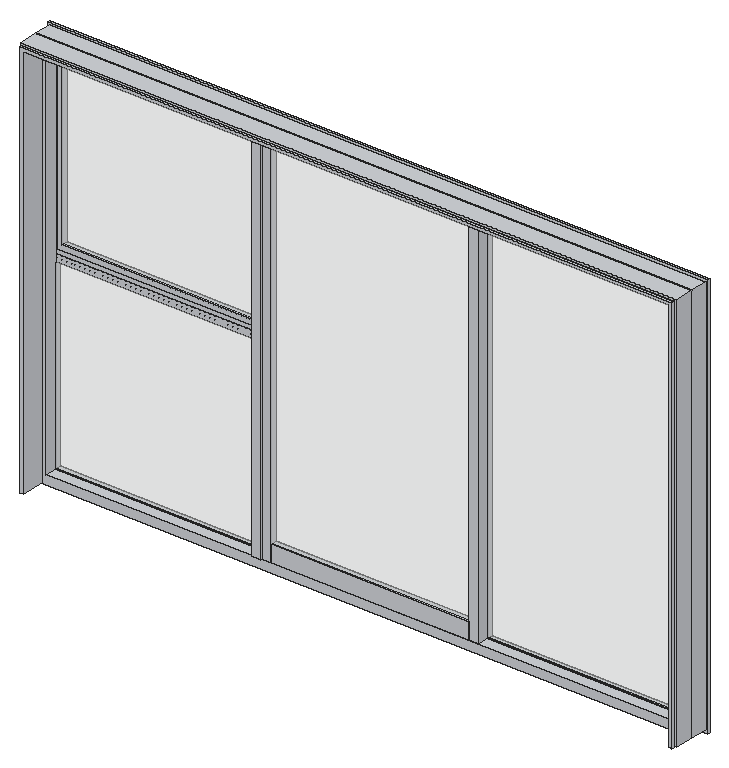
Revit family "APL Residential Thermal Heart Sliding Door FSF with Sidelight", category Doors, host Wall, Revit 2017 (continued)
Definition of nested family "APL Residential Thermal Heart Sliding Door FSF with Sidelight Horizontal Section"
  Definition of nested family "Interlocker"
    Definition of nested family "65500_Interlocker Stile"
      Lines and regions (mm)
        model lines, in view "Ref. Level"
          curve 127: arc (-5.36, 9.042, 0) -> (-5.352, 8.955, 0) -> (-5.33, 8.871, 0) r 0.5
          curve 128: arc (-5.061, 8.132, 0) -> (-4.987, 8.036, 0) -> (-4.873, 8, 0) r 0.2
          curve 129: arc (-4.6, 8, 0) -> (-4.459, 7.941, 0) -> (-4.4, 7.8, 0) r 0.2
          curve 130: arc (-4.4, 7.55, 0) -> (-4.272, 7.332, 0) -> (-4.02, 7.337, 0) r 0.25
          curve 131: arc (-3.934, 7.389, 0) -> (-3.828, 7.521, 0) -> (-3.831, 7.691, 0) r 0.25
          curve 132: arc (-2.577, 8.456, 0) -> (-2.502, 8.489, 0) -> (-2.421, 8.5, 0) r 0.3
          curve 133: arc (-1.9, 8.5, 0) -> (-1.742, 8.422, 0) -> (-1.706, 8.25, 0) r 0.2
          curve 134: arc (-1.9, 4.247, 0) -> (-1.874, 4.125, 0) -> (-1.8, 4.024, 0) r 0.3
          curve 135: arc (-1.8, 4.024, 0) -> (-1.72, 3.693, 0) -> (-2, 3.5, 0) r 0.3
          curve 136: arc (-4.221, 4.043, 0) -> (-4.31, 4.095, 0) -> (-4.362, 4.184, 0) r 0.2
          curve 137: arc (-4.407, 4.352, 0) -> (-4.548, 4.493, 0) -> (-4.741, 4.441, 0) r 0.2
          curve 138: arc (-5.105, 4.078, 0) -> (-5.165, 3.992, 0) -> (-5.192, 3.892, 0) r 0.3
          curve 139: arc (-5.399, 1.526, 0) -> (-5.283, 1.262, 0) -> (-4.997, 1.218, 0) r 0.3
          curve 140: arc (-3.587, 1.732, 0) -> (-3.461, 1.819, 0) -> (-3.395, 1.957, 0) r 0.3
          curve 141: arc (-3.395, 1.957, 0) -> (-3.122, 2.199, 0) -> (-2.817, 2, 0) r 0.3
          curve 142: arc (-2.1, 2, 0) -> (-1.959, 1.941, 0) -> (-1.9, 1.8, 0) r 0.2
          curve 143: arc (-1.9, 1, 0) -> (-1.607, 0.293, 0) -> (-0.9, 0, 0) r 1
          curve 144: arc (-0.5, 0, 0) -> (-0.146, 0.146, 0) -> (0, 0.5, 0) r 0.5
          curve 145: arc (0, 43, 0) -> (-0.293, 43.707, 0) -> (-1, 44, 0) r 1
          curve 146: arc (-52.375, 44, 0) -> (-52.75, 43.625, 0) -> (-52.375, 43.25, 0) r 0.375
          curve 147: arc (-52, 42.15, 0) -> (-51.941, 42.009, 0) -> (-51.8, 41.95, 0) r 0.2
          curve 148: arc (-50.962, 40.688, 0) -> (-50.917, 40.558, 0) -> (-50.797, 40.488, 0) r 0.2
          curve 149: arc (-48.613, 40.25, 0) -> (-48.454, 40.328, 0) -> (-48.42, 40.502, 0) r 0.2
          curve 150: arc (-48.808, 41.948, 0) -> (-48.773, 42.122, 0) -> (-48.615, 42.2, 0) r 0.2
          curve 151: arc (-33.498, 42.2, 0) -> (-33.144, 42.054, 0) -> (-32.998, 41.7, 0) r 0.5
          curve 152: arc (-32.998, 35.05, 0) -> (-32.939, 34.909, 0) -> (-32.798, 34.85, 0) r 0.2
          curve 153: arc (-26.398, 34.85, 0) -> (-26.256, 34.792, 0) -> (-26.198, 34.65, 0) r 0.2
          curve 154: arc (-26.198, 29.353, 0) -> (-26.255, 29.21, 0) -> (-26.398, 29.15, 0) r 0.2
          curve 155: arc (-32.798, 29.15, 0) -> (-32.939, 29.091, 0) -> (-32.998, 28.95, 0) r 0.2
          curve 156: arc (-32.998, 26.333, 0) -> (-32.799, 26.028, 0) -> (-33.041, 25.755, 0) r 0.3
          curve 157: arc (-33.041, 25.755, 0) -> (-33.179, 25.689, 0) -> (-33.266, 25.563, 0) r 0.3
          curve 158: arc (-33.78, 24.153, 0) -> (-33.736, 23.867, 0) -> (-33.472, 23.751, 0) r 0.3
          curve 159: arc (-31.106, 23.958, 0) -> (-31.005, 23.985, 0) -> (-30.92, 24.045, 0) r 0.3
          curve 160: arc (-30.556, 24.409, 0) -> (-30.505, 24.602, 0) -> (-30.646, 24.743, 0) r 0.2
          curve 161: arc (-30.813, 24.788, 0) -> (-30.903, 24.84, 0) -> (-30.955, 24.929, 0) r 0.2
          curve 162: arc (-31.498, 27.15, 0) -> (-31.305, 27.43, 0) -> (-30.974, 27.35, 0) r 0.3
          curve 163: arc (-30.974, 27.35, 0) -> (-30.873, 27.276, 0) -> (-30.75, 27.25, 0) r 0.3
          curve 164: arc (-26.748, 27.444, 0) -> (-26.575, 27.408, 0) -> (-26.498, 27.25, 0) r 0.2
          curve 165: arc (-26.498, 26.729, 0) -> (-26.509, 26.648, 0) -> (-26.542, 26.573, 0) r 0.3
          curve 166: arc (-27.307, 25.319, 0) -> (-27.477, 25.322, 0) -> (-27.609, 25.216, 0) r 0.25
          curve 167: arc (-27.661, 25.13, 0) -> (-27.666, 24.878, 0) -> (-27.448, 24.75, 0) r 0.25
          curve 168: arc (-25.098, 24.75, 0) -> (-24.744, 24.896, 0) -> (-24.598, 25.25, 0) r 0.5
          curve 169: arc (-24.598, 36.25, 0) -> (-24.656, 36.391, 0) -> (-24.798, 36.45, 0) r 0.2
          curve 170: line (-31.398, 36.65, 0) -> (-31.398, 41.7, 0)
          curve 171: line (-30.898, 42.2, 0) -> (-2.1, 42.2, 0)
          curve 172: line (-1.6, 41.7, 0) -> (-1.6, 10.9, 0)
          curve 173: line (-2.1, 10.4, 0) -> (-4.86, 10.4, 0)
          curve 174: line (-5.36, 9.9, 0) -> (-5.36, 9.042, 0)
          curve 175: line (-5.33, 8.871, 0) -> (-5.061, 8.132, 0)
          curve 176: line (-4.873, 8, 0) -> (-4.6, 8, 0)
          curve 177: line (-4.4, 7.8, 0) -> (-4.4, 7.55, 0)
          curve 178: line (-3.831, 7.691, 0) -> (-2.577, 8.456, 0)
          curve 179: line (-2.577, 8.456, 0) -> (-1.9, 8.5, 0)
          curve 180: line (-1.706, 8.25, 0) -> (-1.894, 7.525, 0)
          curve 181: line (-1.894, 7.525, 0) -> (-1.9, 4.247, 0)
          curve 182: line (-2.154, 3.5, 0) -> (-4.221, 4.043, 0)
          curve 183: line (-4.221, 4.043, 0) -> (-4.407, 4.352, 0)
          curve 184: line (-4.741, 4.441, 0) -> (-5.105, 4.078, 0)
          curve 185: line (-5.192, 3.892, 0) -> (-5.399, 1.526, 0)
          curve 186: line (-4.997, 1.218, 0) -> (-3.587, 1.732, 0)
          curve 187: line (-2.817, 2, 0) -> (-2.1, 2, 0)
          curve 188: line (-1.9, 1.8, 0) -> (-1.9, 1, 0)
          curve 189: line (-0.9, 0, 0) -> (-0.5, 0, 0)
          curve 190: line (0, 0.5, 0) -> (0, 43, 0)
          curve 191: line (-1, 44, 0) -> (-52.375, 44, 0)
          curve 192: line (-52.375, 43.25, 0) -> (-52, 43.25, 0)
          curve 193: line (-52, 43.25, 0) -> (-52, 42.15, 0)
          curve 194: line (-51.8, 41.95, 0) -> (-50.962, 41.95, 0)
          curve 195: line (-50.962, 41.95, 0) -> (-50.962, 40.688, 0)
          curve 196: line (-50.797, 40.488, 0) -> (-49.444, 40.25, 0)
          curve 197: line (-49.444, 40.25, 0) -> (-48.613, 40.25, 0)
          curve 198: line (-48.42, 40.502, 0) -> (-48.808, 41.948, 0)
          curve 199: line (-48.615, 42.2, 0) -> (-33.498, 42.2, 0)
          curve 200: line (-32.998, 41.7, 0) -> (-32.998, 35.05, 0)
          curve 201: line (-32.798, 34.85, 0) -> (-26.398, 34.85, 0)
          curve 202: line (-26.198, 34.65, 0) -> (-26.198, 29.353, 0)
          curve 203: line (-26.398, 29.15, 0) -> (-32.798, 29.15, 0)
          curve 204: line (-32.998, 28.95, 0) -> (-32.998, 26.333, 0)
          curve 205: line (-33.266, 25.563, 0) -> (-33.78, 24.153, 0)
          curve 206: line (-33.472, 23.751, 0) -> (-31.106, 23.958, 0)
          curve 207: line (-30.92, 24.045, 0) -> (-30.556, 24.409, 0)
          curve 208: line (-30.646, 24.743, 0) -> (-30.813, 24.788, 0)
          curve 209: line (-30.813, 24.788, 0) -> (-31.487, 26.918, 0)
          curve 210: line (-31.487, 26.918, 0) -> (-31.498, 27.15, 0)
          curve 211: line (-30.75, 27.25, 0) -> (-27.523, 27.25, 0)
          curve 212: line (-27.523, 27.25, 0) -> (-26.748, 27.444, 0)
          curve 213: line (-26.498, 27.25, 0) -> (-26.498, 26.729, 0)
          curve 214: line (-26.498, 26.729, 0) -> (-27.307, 25.319, 0)
          curve 215: line (-27.448, 24.75, 0) -> (-25.098, 24.75, 0)
          curve 216: line (-24.598, 25.25, 0) -> (-24.598, 36.25, 0)
          curve 217: line (-24.798, 36.45, 0) -> (-31.197, 36.45, 0)
          curve 218: arc (-31.197, 36.45, 0) -> (-31.339, 36.508, 0) -> (-31.398, 36.65, 0) r 0.2
          curve 219: arc (-27.398, 12.45, 0) -> (-27.115, 12.567, 0) -> (-26.998, 12.85, 0) r 0.4
          curve 220: arc (-26.998, 13.143, 0) -> (-27.011, 13.246, 0) -> (-27.052, 13.343, 0) r 0.4
          curve 221: arc (-27.936, 14.871, 0) -> (-28.057, 15.161, 0) -> (-28.098, 15.472, 0) r 1.2
          curve 222: arc (-28.098, 16.395, 0) -> (-28.279, 16.968, 0) -> (-28.756, 17.334, 0) r 1
          curve 223: arc (-30.935, 18.127, 0) -> (-31.125, 18.274, 0) -> (-31.198, 18.503, 0) r 0.4
          curve 224: arc (-31.198, 21.197, 0) -> (-31.125, 21.426, 0) -> (-30.935, 21.573, 0) r 0.4
          curve 225: arc (-28.756, 22.366, 0) -> (-28.279, 22.732, 0) -> (-28.098, 23.305, 0) r 1
          curve 226: arc (-28.098, 24.228, 0) -> (-28.057, 24.539, 0) -> (-27.936, 24.829, 0) r 1.2
          curve 227: arc (-27.052, 26.357, 0) -> (-27.011, 26.454, 0) -> (-26.998, 26.557, 0) r 0.4
          curve 228: arc (-26.998, 26.85, 0) -> (-27.115, 27.133, 0) -> (-27.398, 27.25, 0) r 0.4
          curve 229: arc (-30.798, 27.25, 0) -> (-31.081, 27.133, 0) -> (-31.198, 26.85, 0) r 0.4
          curve 230: arc (-31.198, 26.557, 0) -> (-31.184, 26.454, 0) -> (-31.144, 26.357, 0) r 0.4
          curve 231: arc (-30.259, 24.829, 0) -> (-30.138, 24.535, 0) -> (-30.098, 24.22, 0) r 1.2
          curve 232: arc (-30.098, 24.22, 0) -> (-30.151, 24.045, 0) -> (-30.295, 23.934, 0) r 0.3
          curve 233: arc (-32.735, 23.046, 0) -> (-32.925, 22.899, 0) -> (-32.998, 22.67, 0) r 0.4
          curve 234: arc (-32.998, 17.03, 0) -> (-32.925, 16.801, 0) -> (-32.735, 16.654, 0) r 0.4
          curve 235: arc (-30.295, 15.766, 0) -> (-30.151, 15.655, 0) -> (-30.098, 15.48, 0) r 0.3
          curve 236: arc (-30.098, 15.48, 0) -> (-30.138, 15.165, 0) -> (-30.259, 14.871, 0) r 1.2
          curve 237: arc (-31.144, 13.343, 0) -> (-31.184, 13.246, 0) -> (-31.198, 13.143, 0) r 0.4
          curve 238: arc (-31.198, 12.85, 0) -> (-31.081, 12.567, 0) -> (-30.798, 12.45, 0) r 0.4
          curve 239: line (-26.998, 12.85, 0) -> (-26.998, 13.143, 0)
          curve 240: line (-27.052, 13.343, 0) -> (-27.936, 14.871, 0)
          curve 241: line (-28.098, 15.472, 0) -> (-28.098, 16.395, 0)
          curve 242: line (-28.756, 17.334, 0) -> (-30.935, 18.127, 0)
          curve 243: line (-31.198, 18.503, 0) -> (-31.198, 21.197, 0)
          curve 244: line (-30.935, 21.573, 0) -> (-28.756, 22.366, 0)
          curve 245: line (-28.098, 23.305, 0) -> (-28.098, 24.228, 0)
          curve 246: line (-27.936, 24.829, 0) -> (-27.052, 26.357, 0)
          curve 247: line (-26.998, 26.557, 0) -> (-26.998, 26.85, 0)
          curve 248: line (-27.398, 27.25, 0) -> (-30.798, 27.25, 0)
          curve 249: line (-31.198, 26.85, 0) -> (-31.198, 26.557, 0)
          curve 250: line (-31.144, 26.357, 0) -> (-30.259, 24.829, 0)
          curve 251: line (-30.295, 23.934, 0) -> (-32.735, 23.046, 0)
          curve 252: line (-32.998, 22.67, 0) -> (-32.998, 17.03, 0)
          curve 253: line (-32.735, 16.654, 0) -> (-30.295, 15.766, 0)
          curve 254: line (-30.259, 14.871, 0) -> (-31.144, 13.343, 0)
          curve 255: line (-31.198, 13.143, 0) -> (-31.198, 12.85, 0)
          curve 256: line (-30.798, 12.45, 0) -> (-27.398, 12.45, 0)
          curve 257: arc (-16.7, 4.122, 0) -> (-16.583, 3.839, 0) -> (-16.3, 3.722, 0) r 0.4
          curve 258: arc (-16.007, 3.722, 0) -> (-15.904, 3.736, 0) -> (-15.807, 3.776, 0) r 0.4
          curve 259: arc (-14.279, 4.66, 0) -> (-13.989, 4.781, 0) -> (-13.678, 4.822, 0) r 1.2
          curve 260: arc (-12.755, 4.822, 0) -> (-12.182, 5.003, 0) -> (-11.816, 5.48, 0) r 1
          curve 261: arc (-11.023, 7.659, 0) -> (-10.876, 7.849, 0) -> (-10.647, 7.922, 0) r 0.4
          curve 262: arc (-7.953, 7.922, 0) -> (-7.724, 7.849, 0) -> (-7.577, 7.659, 0) r 0.4
          curve 263: arc (-6.784, 5.48, 0) -> (-6.418, 5.003, 0) -> (-5.845, 4.822, 0) r 1
          curve 264: arc (-4.922, 4.822, 0) -> (-4.611, 4.781, 0) -> (-4.321, 4.66, 0) r 1.2
          curve 265: arc (-2.793, 3.776, 0) -> (-2.696, 3.736, 0) -> (-2.593, 3.722, 0) r 0.4
          curve 266: arc (-2.3, 3.722, 0) -> (-2.017, 3.839, 0) -> (-1.9, 4.122, 0) r 0.4
          curve 267: arc (-1.9, 7.522, 0) -> (-2.017, 7.805, 0) -> (-2.3, 7.922, 0) r 0.4
          curve 268: arc (-2.593, 7.922, 0) -> (-2.696, 7.908, 0) -> (-2.793, 7.868, 0) r 0.4
          curve 269: arc (-4.321, 6.983, 0) -> (-4.615, 6.862, 0) -> (-4.93, 6.822, 0) r 1.2
          curve 270: arc (-4.93, 6.822, 0) -> (-5.105, 6.875, 0) -> (-5.216, 7.019, 0) r 0.3
          curve 271: arc (-6.104, 9.459, 0) -> (-6.251, 9.649, 0) -> (-6.48, 9.722, 0) r 0.4
          curve 272: arc (-12.12, 9.722, 0) -> (-12.349, 9.649, 0) -> (-12.496, 9.459, 0) r 0.4
          curve 273: arc (-13.384, 7.019, 0) -> (-13.495, 6.875, 0) -> (-13.67, 6.822, 0) r 0.3
          curve 274: arc (-13.67, 6.822, 0) -> (-13.985, 6.862, 0) -> (-14.279, 6.983, 0) r 1.2
          curve 275: arc (-15.807, 7.868, 0) -> (-15.904, 7.908, 0) -> (-16.007, 7.922, 0) r 0.4
          curve 276: arc (-16.3, 7.922, 0) -> (-16.583, 7.805, 0) -> (-16.7, 7.522, 0) r 0.4
          curve 277: line (-16.3, 3.722, 0) -> (-16.007, 3.722, 0)
          curve 278: line (-15.807, 3.776, 0) -> (-14.279, 4.66, 0)
          curve 279: line (-13.678, 4.822, 0) -> (-12.755, 4.822, 0)
          curve 280: line (-11.816, 5.48, 0) -> (-11.023, 7.659, 0)
          curve 281: line (-10.647, 7.922, 0) -> (-7.953, 7.922, 0)
          curve 282: line (-7.577, 7.659, 0) -> (-6.784, 5.48, 0)
          curve 283: line (-5.845, 4.822, 0) -> (-4.922, 4.822, 0)
          curve 284: line (-4.321, 4.66, 0) -> (-2.793, 3.776, 0)
          curve 285: line (-2.593, 3.722, 0) -> (-2.3, 3.722, 0)
          curve 286: line (-1.9, 4.122, 0) -> (-1.9, 7.522, 0)
          curve 287: line (-2.3, 7.922, 0) -> (-2.593, 7.922, 0)
          curve 288: line (-2.793, 7.868, 0) -> (-4.321, 6.983, 0)
          curve 289: line (-5.216, 7.019, 0) -> (-6.104, 9.459, 0)
          curve 290: line (-6.48, 9.722, 0) -> (-12.12, 9.722, 0)
          curve 291: line (-12.496, 9.459, 0) -> (-13.384, 7.019, 0)
          curve 292: line (-14.279, 6.983, 0) -> (-15.807, 7.868, 0)
          curve 293: line (-16.007, 7.922, 0) -> (-16.3, 7.922, 0)
          curve 294: line (-16.7, 7.522, 0) -> (-16.7, 4.122, 0)
      Text (mm)
        text "65500" at (-34.845, 58.95, 0), in view "Ref. Level"
    Definition of nested family "65420_Interlocker Mullion"
      Reference planes
        plane 1 "Center (Front/Back)": y = 0
        plane 2: z = 0
        plane 3 "Center (Left/Right)": x = 0
      Lines and regions (mm)
        model lines, in view "Ref. Level"
          curve 1: arc (-24.6, 25.5, 0) -> (-24.746, 25.146, 0) -> (-25.1, 25, 0) r 0.5
          curve 2: arc (-27.45, 25, 0) -> (-27.668, 25.128, 0) -> (-27.663, 25.38, 0) r 0.25
          curve 3: arc (-27.611, 25.466, 0) -> (-27.479, 25.572, 0) -> (-27.309, 25.569, 0) r 0.25
          curve 4: arc (-26.544, 26.823, 0) -> (-26.511, 26.898, 0) -> (-26.5, 26.979, 0) r 0.3
          curve 5: arc (-26.5, 27.5, 0) -> (-26.578, 27.658, 0) -> (-26.75, 27.694, 0) r 0.2
          curve 6: arc (-30.753, 27.5, 0) -> (-30.875, 27.526, 0) -> (-30.976, 27.6, 0) r 0.3
          curve 7: arc (-30.976, 27.6, 0) -> (-31.307, 27.68, 0) -> (-31.5, 27.4, 0) r 0.3
          curve 8: arc (-30.957, 25.179, 0) -> (-30.905, 25.09, 0) -> (-30.816, 25.038, 0) r 0.2
          curve 9: arc (-30.648, 24.993, 0) -> (-30.507, 24.852, 0) -> (-30.559, 24.659, 0) r 0.2
          curve 10: arc (-30.922, 24.295, 0) -> (-31.008, 24.235, 0) -> (-31.108, 24.208, 0) r 0.3
          curve 11: arc (-33.474, 24.001, 0) -> (-33.738, 24.117, 0) -> (-33.782, 24.403, 0) r 0.3
          curve 12: arc (-33.268, 25.813, 0) -> (-33.181, 25.939, 0) -> (-33.043, 26.005, 0) r 0.3
          curve 13: arc (-33.043, 26.005, 0) -> (-32.801, 26.278, 0) -> (-33, 26.583, 0) r 0.3
          curve 14: arc (-33, 44.4, 0) -> (-33.059, 44.541, 0) -> (-33.2, 44.6, 0) r 0.2
          curve 15: arc (-44.5, 43.5, 0) -> (-44.793, 42.793, 0) -> (-45.5, 42.5, 0) r 1
          curve 16: arc (-46.25, 42.5, 0) -> (-46.749, 43, 0) -> (-46.25, 43.5, 0) r 0.5
          curve 17: arc (-50.25, 43.5, 0) -> (-49.749, 43, 0) -> (-50.25, 42.5, 0) r 0.5
          curve 18: arc (-51.8, 42.5, 0) -> (-51.941, 42.559, 0) -> (-52, 42.7, 0) r 0.2
          curve 19: arc (-52, 61.948, 0) -> (-51.854, 62.303, 0) -> (-51.5, 62.45, 0) r 0.5
          curve 20: arc (-49.183, 62.45, 0) -> (-48.878, 62.251, 0) -> (-48.605, 62.493, 0) r 0.3
          curve 21: arc (-48.605, 62.493, 0) -> (-48.539, 62.631, 0) -> (-48.413, 62.718, 0) r 0.3
          curve 22: arc (-47.003, 63.232, 0) -> (-46.717, 63.188, 0) -> (-46.601, 62.924, 0) r 0.3
          curve 23: arc (-46.808, 60.558, 0) -> (-46.835, 60.458, 0) -> (-46.895, 60.372, 0) r 0.3
          curve 24: arc (-47.259, 60.009, 0) -> (-47.452, 59.957, 0) -> (-47.593, 60.098, 0) r 0.2
          curve 25: arc (-47.638, 60.266, 0) -> (-47.69, 60.355, 0) -> (-47.779, 60.407, 0) r 0.2
          curve 26: arc (-50, 60.95, 0) -> (-50.28, 60.757, 0) -> (-50.2, 60.426, 0) r 0.3
          curve 27: arc (-50.2, 60.426, 0) -> (-50.126, 60.325, 0) -> (-50.1, 60.203, 0) r 0.3
          curve 28: arc (-50.294, 56.2, 0) -> (-50.258, 56.028, 0) -> (-50.1, 55.95, 0) r 0.2
          curve 29: arc (-49.579, 55.95, 0) -> (-49.498, 55.961, 0) -> (-49.423, 55.994, 0) r 0.3
          curve 30: arc (-48.169, 56.759, 0) -> (-48.172, 56.929, 0) -> (-48.066, 57.061, 0) r 0.25
          curve 31: arc (-47.98, 57.113, 0) -> (-47.728, 57.118, 0) -> (-47.6, 56.9, 0) r 0.25
          curve 32: arc (-47.6, 54.875, 0) -> (-47.626, 54.778, 0) -> (-47.696, 54.705, 0) r 0.2
          curve 33: arc (-50.261, 53.139, 0) -> (-50.436, 52.957, 0) -> (-50.5, 52.712, 0) r 0.5
          curve 34: arc (-50.5, 47, 0) -> (-50.354, 46.646, 0) -> (-50, 46.5, 0) r 0.5
          curve 35: arc (-45.5, 46.5, 0) -> (-44.986, 46.409, 0) -> (-44.533, 46.147, 0) r 1.5
          curve 36: arc (-33.2, 46.1, 0) -> (-31.998, 45.602, 0) -> (-31.5, 44.4, 0) r 1.7
          curve 37: line (-24.6, 27.5, 0) -> (-24.6, 25.5, 0)
          curve 38: line (-25.1, 25, 0) -> (-27.45, 25, 0)
          curve 39: line (-27.309, 25.569, 0) -> (-26.544, 26.823, 0)
          curve 40: line (-26.544, 26.823, 0) -> (-26.5, 27.5, 0)
          curve 41: line (-26.75, 27.694, 0) -> (-27.5, 27.5, 0)
          curve 42: line (-27.475, 27.506, 0) -> (-30.753, 27.5, 0)
          curve 43: line (-31.5, 27.246, 0) -> (-30.957, 25.179, 0)
          curve 44: line (-30.957, 25.179, 0) -> (-30.648, 24.993, 0)
          curve 45: line (-30.559, 24.659, 0) -> (-30.922, 24.295, 0)
          curve 46: line (-31.108, 24.208, 0) -> (-33.474, 24.001, 0)
          curve 47: line (-33.782, 24.403, 0) -> (-33.268, 25.813, 0)
          curve 48: line (-33, 26.583, 0) -> (-33, 33.5, 0)
          curve 49: line (-33, 33.5, 0) -> (-32.6, 33.9, 0)
          curve 50: line (-32.6, 33.9, 0) -> (-33, 34.3, 0)
          curve 51: line (-33, 34.3, 0) -> (-33, 44.4, 0)
          curve 52: line (-33.2, 44.6, 0) -> (-44.5, 44.6, 0)
          curve 53: line (-44.5, 44.6, 0) -> (-44.5, 43.5, 0)
          curve 54: line (-45.5, 42.5, 0) -> (-46.25, 42.5, 0)
          curve 55: line (-46.25, 43.5, 0) -> (-45.5, 43.5, 0)
          curve 56: line (-45.5, 43.5, 0) -> (-45.5, 45, 0)
          curve 57: line (-45.5, 45, 0) -> (-51, 45, 0)
          curve 58: line (-51, 45, 0) -> (-51, 43.5, 0)
          curve 59: line (-51, 43.5, 0) -> (-50.25, 43.5, 0)
          curve 60: line (-50.25, 42.5, 0) -> (-51.8, 42.5, 0)
          curve 61: line (-52, 42.7, 0) -> (-52, 61.948, 0)
          curve 62: line (-51.5, 62.45, 0) -> (-49.183, 62.45, 0)
          curve 63: line (-48.413, 62.718, 0) -> (-47.003, 63.232, 0)
          curve 64: line (-46.601, 62.924, 0) -> (-46.808, 60.558, 0)
          curve 65: line (-46.895, 60.372, 0) -> (-47.259, 60.009, 0)
          curve 66: line (-47.593, 60.098, 0) -> (-47.638, 60.266, 0)
          curve 67: line (-47.638, 60.266, 0) -> (-49.768, 60.94, 0)
          curve 68: line (-49.768, 60.94, 0) -> (-50, 60.95, 0)
          curve 69: line (-50.1, 60.203, 0) -> (-50.1, 56.975, 0)
          curve 70: line (-50.1, 56.975, 0) -> (-50.294, 56.2, 0)
          curve 71: line (-50.1, 55.95, 0) -> (-49.579, 55.95, 0)
          curve 72: line (-49.579, 55.95, 0) -> (-48.169, 56.759, 0)
          curve 73: line (-47.6, 56.9, 0) -> (-47.6, 54.875, 0)
          curve 74: line (-47.696, 54.705, 0) -> (-50.261, 53.139, 0)
          curve 75: line (-50.5, 52.712, 0) -> (-50.5, 47, 0)
          curve 76: line (-50, 46.5, 0) -> (-45.5, 46.5, 0)
          curve 77: line (-44.405, 46.1, 0) -> (-33.2, 46.1, 0)
          curve 78: line (-31.5, 44.4, 0) -> (-31.5, 37.486, 0)
          curve 79: arc (-31.5, 37.486, 0) -> (-31.229, 37.041, 0) -> (-30.71, 37.078, 0) r 0.5
          curve 80: arc (-30.71, 37.078, 0) -> (-28.151, 37.789, 0) -> (-25.73, 36.695, 0) r 3.9
          curve 81: arc (-25.73, 36.695, 0) -> (-25.713, 35.422, 0) -> (-26.985, 35.405, 0) r 0.9
          curve 82: arc (-26.985, 35.405, 0) -> (-28.45, 36, 0) -> (-29.915, 35.405, 0) r 2.1
          curve 83: arc (-29.915, 35.405, 0) -> (-30.077, 35.28, 0) -> (-30.264, 35.194, 0) r 0.9
          curve 84: arc (-30.264, 35.194, 0) -> (-30.436, 35.097, 0) -> (-30.557, 34.94, 0) r 0.5
          curve 85: arc (-30.557, 34.94, 0) -> (-30.8, 33.9, 0) -> (-30.557, 32.86, 0) r 2.35
          curve 86: arc (-30.557, 32.86, 0) -> (-30.436, 32.703, 0) -> (-30.264, 32.606, 0) r 0.5
          curve 87: arc (-30.264, 32.606, 0) -> (-30.077, 32.52, 0) -> (-29.915, 32.395, 0) r 0.9
          curve 88: arc (-29.915, 32.395, 0) -> (-28.45, 31.8, 0) -> (-26.985, 32.395, 0) r 2.1
          curve 89: arc (-26.985, 32.395, 0) -> (-25.713, 32.378, 0) -> (-25.73, 31.105, 0) r 0.9
          curve 90: arc (-25.73, 31.105, 0) -> (-26.113, 30.778, 0) -> (-26.534, 30.503, 0) r 3.9
          curve 91: arc (-26.534, 30.503, 0) -> (-26.781, 29.979, 0) -> (-26.368, 29.574, 0) r 0.5
          curve 92: arc (-26.368, 29.574, 0) -> (-25.102, 28.862, 0) -> (-24.6, 27.5, 0) r 2.1
          curve 93: arc (-35.3, 56.85, 0) -> (-35.417, 56.567, 0) -> (-35.7, 56.45, 0) r 0.4
          curve 94: arc (-35.993, 56.45, 0) -> (-36.096, 56.464, 0) -> (-36.193, 56.504, 0) r 0.4
          curve 95: arc (-37.721, 57.389, 0) -> (-38.011, 57.509, 0) -> (-38.322, 57.55, 0) r 1.2
          curve 96: arc (-39.245, 57.55, 0) -> (-39.818, 57.731, 0) -> (-40.184, 58.208, 0) r 1
          curve 97: arc (-40.977, 60.387, 0) -> (-41.124, 60.578, 0) -> (-41.353, 60.65, 0) r 0.4
          curve 98: arc (-44.047, 60.65, 0) -> (-44.276, 60.578, 0) -> (-44.423, 60.387, 0) r 0.4
          curve 99: arc (-45.216, 58.208, 0) -> (-45.582, 57.731, 0) -> (-46.155, 57.55, 0) r 1
          curve 100: arc (-47.078, 57.55, 0) -> (-47.389, 57.509, 0) -> (-47.679, 57.389, 0) r 1.2
          curve 101: arc (-49.207, 56.504, 0) -> (-49.304, 56.464, 0) -> (-49.407, 56.45, 0) r 0.4
          curve 102: arc (-49.7, 56.45, 0) -> (-49.983, 56.567, 0) -> (-50.1, 56.85, 0) r 0.4
          curve 103: arc (-50.1, 60.25, 0) -> (-49.983, 60.533, 0) -> (-49.7, 60.65, 0) r 0.4
          curve 104: arc (-49.407, 60.65, 0) -> (-49.304, 60.636, 0) -> (-49.207, 60.596, 0) r 0.4
          curve 105: arc (-47.679, 59.711, 0) -> (-47.385, 59.59, 0) -> (-47.07, 59.55, 0) r 1.2
          curve 106: arc (-47.07, 59.55, 0) -> (-46.895, 59.603, 0) -> (-46.784, 59.747, 0) r 0.3
          curve 107: arc (-45.896, 62.187, 0) -> (-45.749, 62.378, 0) -> (-45.52, 62.45, 0) r 0.4
          curve 108: arc (-39.88, 62.45, 0) -> (-39.651, 62.378, 0) -> (-39.504, 62.187, 0) r 0.4
          curve 109: arc (-38.616, 59.747, 0) -> (-38.505, 59.603, 0) -> (-38.33, 59.55, 0) r 0.3
          curve 110: arc (-38.33, 59.55, 0) -> (-38.015, 59.59, 0) -> (-37.721, 59.711, 0) r 1.2
          curve 111: arc (-36.193, 60.596, 0) -> (-36.096, 60.636, 0) -> (-35.993, 60.65, 0) r 0.4
          curve 112: arc (-35.7, 60.65, 0) -> (-35.417, 60.533, 0) -> (-35.3, 60.25, 0) r 0.4
          curve 113: line (-35.7, 56.45, 0) -> (-35.993, 56.45, 0)
          curve 114: line (-36.193, 56.504, 0) -> (-37.721, 57.389, 0)
          curve 115: line (-38.322, 57.55, 0) -> (-39.245, 57.55, 0)
          curve 116: line (-40.184, 58.208, 0) -> (-40.977, 60.387, 0)
          curve 117: line (-41.353, 60.65, 0) -> (-44.047, 60.65, 0)
          curve 118: line (-44.423, 60.387, 0) -> (-45.216, 58.208, 0)
          curve 119: line (-46.155, 57.55, 0) -> (-47.078, 57.55, 0)
          curve 120: line (-47.679, 57.389, 0) -> (-49.207, 56.504, 0)
          curve 121: line (-49.407, 56.45, 0) -> (-49.7, 56.45, 0)
          curve 122: line (-50.1, 56.85, 0) -> (-50.1, 60.25, 0)
          curve 123: line (-49.7, 60.65, 0) -> (-49.407, 60.65, 0)
          curve 124: line (-49.207, 60.596, 0) -> (-47.679, 59.711, 0)
          curve 125: line (-46.784, 59.747, 0) -> (-45.896, 62.187, 0)
          curve 126: line (-45.52, 62.45, 0) -> (-39.88, 62.45, 0)
          curve 127: line (-39.504, 62.187, 0) -> (-38.616, 59.747, 0)
          curve 128: line (-37.721, 59.711, 0) -> (-36.193, 60.596, 0)
          curve 129: line (-35.993, 60.65, 0) -> (-35.7, 60.65, 0)
          curve 130: line (-35.3, 60.25, 0) -> (-35.3, 56.85, 0)
          curve 131: arc (-27.4, 27.5, 0) -> (-27.117, 27.383, 0) -> (-27, 27.1, 0) r 0.4
          curve 132: arc (-27, 26.807, 0) -> (-27.014, 26.704, 0) -> (-27.054, 26.607, 0) r 0.4
          curve 133: arc (-27.939, 25.079, 0) -> (-28.059, 24.789, 0) -> (-28.1, 24.478, 0) r 1.2
          curve 134: arc (-28.1, 23.555, 0) -> (-28.281, 22.982, 0) -> (-28.758, 22.616, 0) r 1
          curve 135: arc (-30.937, 21.823, 0) -> (-31.128, 21.676, 0) -> (-31.2, 21.447, 0) r 0.4
          curve 136: arc (-31.2, 18.753, 0) -> (-31.128, 18.524, 0) -> (-30.937, 18.377, 0) r 0.4
          curve 137: arc (-28.758, 17.584, 0) -> (-28.281, 17.218, 0) -> (-28.1, 16.645, 0) r 1
          curve 138: arc (-28.1, 15.722, 0) -> (-28.059, 15.411, 0) -> (-27.939, 15.121, 0) r 1.2
          curve 139: arc (-27.054, 13.593, 0) -> (-27.014, 13.496, 0) -> (-27, 13.393, 0) r 0.4
          curve 140: arc (-27, 13.1, 0) -> (-27.117, 12.817, 0) -> (-27.4, 12.7, 0) r 0.4
          curve 141: arc (-30.8, 12.7, 0) -> (-31.083, 12.817, 0) -> (-31.2, 13.1, 0) r 0.4
          curve 142: arc (-31.2, 13.393, 0) -> (-31.186, 13.496, 0) -> (-31.146, 13.593, 0) r 0.4
          curve 143: arc (-30.261, 15.121, 0) -> (-30.14, 15.415, 0) -> (-30.1, 15.73, 0) r 1.2
          curve 144: arc (-30.1, 15.73, 0) -> (-30.153, 15.905, 0) -> (-30.297, 16.016, 0) r 0.3
          curve 145: arc (-32.737, 16.904, 0) -> (-32.928, 17.051, 0) -> (-33, 17.28, 0) r 0.4
          curve 146: arc (-33, 22.92, 0) -> (-32.928, 23.149, 0) -> (-32.737, 23.296, 0) r 0.4
          curve 147: arc (-30.297, 24.184, 0) -> (-30.153, 24.295, 0) -> (-30.1, 24.47, 0) r 0.3
          curve 148: arc (-30.1, 24.47, 0) -> (-30.14, 24.785, 0) -> (-30.261, 25.079, 0) r 1.2
          curve 149: arc (-31.146, 26.607, 0) -> (-31.186, 26.704, 0) -> (-31.2, 26.807, 0) r 0.4
          curve 150: arc (-31.2, 27.1, 0) -> (-31.083, 27.383, 0) -> (-30.8, 27.5, 0) r 0.4
          curve 151: line (-27, 27.1, 0) -> (-27, 26.807, 0)
          curve 152: line (-27.054, 26.607, 0) -> (-27.939, 25.079, 0)
          curve 153: line (-28.1, 24.478, 0) -> (-28.1, 23.555, 0)
          curve 154: line (-28.758, 22.616, 0) -> (-30.937, 21.823, 0)
          curve 155: line (-31.2, 21.447, 0) -> (-31.2, 18.753, 0)
          curve 156: line (-30.937, 18.377, 0) -> (-28.758, 17.584, 0)
          curve 157: line (-28.1, 16.645, 0) -> (-28.1, 15.722, 0)
          curve 158: line (-27.939, 15.121, 0) -> (-27.054, 13.593, 0)
          curve 159: line (-27, 13.393, 0) -> (-27, 13.1, 0)
          curve 160: line (-27.4, 12.7, 0) -> (-30.8, 12.7, 0)
          curve 161: line (-31.2, 13.1, 0) -> (-31.2, 13.393, 0)
          curve 162: line (-31.146, 13.593, 0) -> (-30.261, 15.121, 0)
          curve 163: line (-30.297, 16.016, 0) -> (-32.737, 16.904, 0)
          curve 164: line (-33, 17.28, 0) -> (-33, 22.92, 0)
          curve 165: line (-32.737, 23.296, 0) -> (-30.297, 24.184, 0)
          curve 166: line (-30.261, 25.079, 0) -> (-31.146, 26.607, 0)
          curve 167: line (-31.2, 26.807, 0) -> (-31.2, 27.1, 0)
          curve 168: line (-30.8, 27.5, 0) -> (-27.4, 27.5, 0)
          curve 169: arc (-21.001, 10.8, 0) -> (-21.707, 10.507, 0) -> (-22, 9.8, 0) r 1
          curve 170: arc (-22, 3.501, 0) -> (-21.707, 2.793, 0) -> (-21, 2.5, 0) r 1
          curve 171: arc (-2.8, 2.5, 0) -> (-2.093, 2.793, 0) -> (-1.8, 3.5, 0) r 1
          curve 172: arc (-1.8, 9.8, 0) -> (-2.093, 10.507, 0) -> (-2.8, 10.8, 0) r 1
          curve 173: arc (-2.656, 30.548, 0) -> (-2.153, 30.553, 0) -> (-1.9, 30.119, 0) r 0.5
          curve 174: arc (-1.9, 13.7, 0) -> (-2.193, 12.993, 0) -> (-2.9, 12.7, 0) r 1
          curve 175: arc (-24.1, 12.7, 0) -> (-24.454, 12.846, 0) -> (-24.6, 13.2, 0) r 0.5
          curve 176: arc (-24.6, 14.698, 0) -> (-24.746, 15.053, 0) -> (-25.1, 15.2, 0) r 0.5
          curve 177: arc (-27.449, 15.2, 0) -> (-27.668, 15.073, 0) -> (-27.663, 14.82, 0) r 0.25
          curve 178: arc (-27.611, 14.734, 0) -> (-27.479, 14.628, 0) -> (-27.309, 14.631, 0) r 0.25
          curve 179: arc (-26.544, 13.377, 0) -> (-26.511, 13.302, 0) -> (-26.5, 13.221, 0) r 0.3
          curve 180: arc (-26.5, 12.7, 0) -> (-26.578, 12.542, 0) -> (-26.75, 12.506, 0) r 0.2
          curve 181: arc (-30.753, 12.7, 0) -> (-30.875, 12.674, 0) -> (-30.976, 12.6, 0) r 0.3
          curve 182: arc (-30.976, 12.6, 0) -> (-31.307, 12.52, 0) -> (-31.5, 12.8, 0) r 0.3
          curve 183: arc (-30.957, 15.021, 0) -> (-30.905, 15.11, 0) -> (-30.816, 15.162, 0) r 0.2
          curve 184: arc (-30.648, 15.207, 0) -> (-30.507, 15.348, 0) -> (-30.559, 15.541, 0) r 0.2
          curve 185: arc (-30.922, 15.905, 0) -> (-31.008, 15.965, 0) -> (-31.108, 15.992, 0) r 0.3
          curve 186: arc (-33.474, 16.199, 0) -> (-33.738, 16.083, 0) -> (-33.782, 15.797, 0) r 0.3
          curve 187: arc (-33.268, 14.387, 0) -> (-33.181, 14.261, 0) -> (-33.043, 14.195, 0) r 0.3
          curve 188: arc (-33.043, 14.195, 0) -> (-32.801, 13.922, 0) -> (-33, 13.617, 0) r 0.3
          curve 189: arc (-33, 9.5, 0) -> (-32.941, 9.359, 0) -> (-32.8, 9.3, 0) r 0.2
          curve 190: arc (-32.5, 9.3, 0) -> (-32.2, 9.38, 0) -> (-31.98, 9.6, 0) r 0.6
          curve 191: arc (-31.345, 10.7, 0) -> (-31.272, 10.773, 0) -> (-31.172, 10.8, 0) r 0.2
          curve 192: arc (-25, 10.8, 0) -> (-24.293, 10.507, 0) -> (-24, 9.8, 0) r 1
          curve 193: arc (-24, 2.463, 0) -> (-24.286, 1.763, 0) -> (-24.98, 1.463, 0) r 1
          curve 194: arc (-31.935, 1.322, 0) -> (-32.052, 1.357, 0) -> (-32.127, 1.453, 0) r 0.2
          curve 195: arc (-32.127, 1.453, 0) -> (-32.234, 1.621, 0) -> (-32.403, 1.725, 0) r 0.45
          curve 196: arc (-32.403, 1.725, 0) -> (-32.522, 1.729, 0) -> (-32.621, 1.665, 0) r 0.2
          curve 197: arc (-33, 0.2, 0) -> (-32.941, 0.059, 0) -> (-32.8, 0, 0) r 0.2
          curve 198: arc (-0.5, 0, 0) -> (-0.146, 0.146, 0) -> (0, 0.5, 0) r 0.5
          curve 199: arc (0, 70.3, 0) -> (-0.059, 70.441, 0) -> (-0.2, 70.5, 0) r 0.2
          curve 200: arc (-0.8, 70.5, 0) -> (-0.941, 70.441, 0) -> (-1, 70.3, 0) r 0.2
          curve 201: arc (-1, 69.7, 0) -> (-1.059, 69.559, 0) -> (-1.2, 69.5, 0) r 0.2
          curve 202: arc (-8.75, 69.5, 0) -> (-9.25, 69, 0) -> (-8.75, 68.5, 0) r 0.5
          curve 203: arc (-7.85, 68.5, 0) -> (-7.709, 68.441, 0) -> (-7.65, 68.3, 0) r 0.2
          curve 204: arc (-7.65, 67.2, 0) -> (-7.709, 67.059, 0) -> (-7.85, 67, 0) r 0.2
          curve 205: arc (-15.15, 67, 0) -> (-15.291, 67.059, 0) -> (-15.35, 67.2, 0) r 0.2
          curve 206: arc (-15.35, 68.3, 0) -> (-15.291, 68.441, 0) -> (-15.15, 68.5, 0) r 0.2
          curve 207: arc (-14.25, 68.5, 0) -> (-13.75, 69, 0) -> (-14.25, 69.5, 0) r 0.5
          curve 208: arc (-14.85, 69.5, 0) -> (-15.204, 69.646, 0) -> (-15.35, 70, 0) r 0.5
          curve 209: arc (-15.35, 70, 0) -> (-15.496, 70.354, 0) -> (-15.85, 70.5, 0) r 0.5
          curve 210: arc (-30.65, 70.5, 0) -> (-31.399, 69.779, 0) -> (-30.709, 69.002, 0) r 0.75
          curve 211: arc (-20.534, 68.077, 0) -> (-20.403, 68.013, 0) -> (-20.35, 67.877, 0) r 0.2
          curve 212: arc (-20.35, 67.25, 0) -> (-19.85, 66.75, 0) -> (-19.35, 67.25, 0) r 0.5
          curve 213: arc (-19.35, 67.8, 0) -> (-19.291, 67.941, 0) -> (-19.15, 68, 0) r 0.2
          curve 214: arc (-18.05, 68, 0) -> (-17.909, 67.941, 0) -> (-17.85, 67.8, 0) r 0.2
          curve 215: arc (-17.85, 62.7, 0) -> (-17.909, 62.559, 0) -> (-18.05, 62.5, 0) r 0.2
          curve 216: arc (-19.15, 62.5, 0) -> (-19.291, 62.559, 0) -> (-19.35, 62.7, 0) r 0.2
          curve 217: arc (-19.35, 63.25, 0) -> (-19.85, 63.75, 0) -> (-20.35, 63.25, 0) r 0.5
          curve 218: arc (-20.35, 62.65, 0) -> (-20.409, 62.509, 0) -> (-20.55, 62.45, 0) r 0.2
          curve 219: arc (-36.217, 62.45, 0) -> (-36.522, 62.251, 0) -> (-36.795, 62.493, 0) r 0.3
          curve 220: arc (-36.795, 62.493, 0) -> (-36.861, 62.631, 0) -> (-36.987, 62.718, 0) r 0.3
          curve 221: arc (-38.397, 63.232, 0) -> (-38.683, 63.188, 0) -> (-38.799, 62.924, 0) r 0.3
          curve 222: arc (-38.592, 60.558, 0) -> (-38.565, 60.458, 0) -> (-38.505, 60.372, 0) r 0.3
          curve 223: arc (-38.141, 60.009, 0) -> (-37.948, 59.957, 0) -> (-37.807, 60.098, 0) r 0.2
          curve 224: arc (-37.762, 60.266, 0) -> (-37.71, 60.355, 0) -> (-37.621, 60.407, 0) r 0.2
          curve 225: arc (-35.4, 60.95, 0) -> (-35.12, 60.757, 0) -> (-35.2, 60.426, 0) r 0.3
          curve 226: arc (-35.2, 60.426, 0) -> (-35.274, 60.325, 0) -> (-35.3, 60.203, 0) r 0.3
          curve 227: arc (-35.106, 56.2, 0) -> (-35.142, 56.028, 0) -> (-35.3, 55.95, 0) r 0.2
          curve 228: arc (-35.821, 55.95, 0) -> (-35.902, 55.961, 0) -> (-35.977, 55.994, 0) r 0.3
          curve 229: arc (-37.231, 56.759, 0) -> (-37.228, 56.929, 0) -> (-37.334, 57.061, 0) r 0.25
          curve 230: arc (-37.42, 57.113, 0) -> (-37.672, 57.118, 0) -> (-37.8, 56.9, 0) r 0.25
          curve 231: arc (-37.8, 54.875, 0) -> (-37.774, 54.778, 0) -> (-37.704, 54.705, 0) r 0.2
          curve 232: arc (-36.751, 54.123, 0) -> (-36.626, 54.069, 0) -> (-36.491, 54.05, 0) r 0.5
          curve 233: arc (-33.9, 54.05, 0) -> (-33.546, 54.196, 0) -> (-33.4, 54.55, 0) r 0.5
          curve 234: arc (-33.4, 59.15, 0) -> (-33.254, 59.504, 0) -> (-32.9, 59.65, 0) r 0.5
          curve 235: arc (-17.952, 59.65, 0) -> (-16.112, 60.411, 0) -> (-15.35, 62.25, 0) r 2.6
          curve 236: arc (-15.35, 64, 0) -> (-15.291, 64.141, 0) -> (-15.15, 64.2, 0) r 0.2
          curve 237: arc (-7.85, 64.2, 0) -> (-6.162, 64.792, 0) -> (-5.215, 66.309, 0) r 2.7
          curve 238: arc (-5.215, 66.309, 0) -> (-5.04, 66.59, 0) -> (-4.727, 66.7, 0) r 0.5
          curve 239: arc (-2.4, 66.7, 0) -> (-2.046, 66.554, 0) -> (-1.9, 66.2, 0) r 0.5
          curve 240: line (-22, 9.8, 0) -> (-22, 3.501, 0)
          curve 241: line (-21, 2.5, 0) -> (-2.8, 2.5, 0)
          curve 242: line (-1.8, 3.5, 0) -> (-1.8, 9.8, 0)
          curve 243: line (-2.8, 10.8, 0) -> (-21.001, 10.8, 0)
          curve 244: line (-1.9, 30.119, 0) -> (-1.9, 13.7, 0)
          curve 245: line (-2.9, 12.7, 0) -> (-24.1, 12.7, 0)
          curve 246: line (-24.6, 13.2, 0) -> (-24.6, 14.698, 0)
          curve 247: line (-25.1, 15.2, 0) -> (-27.449, 15.2, 0)
          curve 248: line (-27.309, 14.631, 0) -> (-26.544, 13.377, 0)
          curve 249: line (-26.544, 13.377, 0) -> (-26.5, 12.7, 0)
          curve 250: line (-26.75, 12.506, 0) -> (-27.475, 12.694, 0)
          curve 251: line (-27.475, 12.694, 0) -> (-30.753, 12.7, 0)
          curve 252: line (-31.5, 12.954, 0) -> (-30.957, 15.021, 0)
          curve 253: line (-30.957, 15.021, 0) -> (-30.648, 15.207, 0)
          curve 254: line (-30.559, 15.541, 0) -> (-30.922, 15.905, 0)
          curve 255: line (-31.108, 15.992, 0) -> (-33.474, 16.199, 0)
          curve 256: line (-33.782, 15.797, 0) -> (-33.268, 14.387, 0)
          curve 257: line (-33, 13.617, 0) -> (-33, 9.5, 0)
          curve 258: line (-32.8, 9.3, 0) -> (-32.5, 9.3, 0)
          curve 259: line (-31.98, 9.6, 0) -> (-31.345, 10.7, 0)
          curve 260: line (-31.172, 10.8, 0) -> (-25, 10.8, 0)
          curve 261: line (-24, 9.8, 0) -> (-24, 2.463, 0)
          curve 262: line (-24.98, 1.463, 0) -> (-31.935, 1.322, 0)
          curve 263: line (-32.621, 1.665, 0) -> (-32.953, 1.269, 0)
          curve 264: line (-32.953, 1.269, 0) -> (-33, 0.2, 0)
          curve 265: line (-32.8, 0, 0) -> (-0.5, 0, 0)
          curve 266: line (0, 0.5, 0) -> (0, 70.3, 0)
          curve 267: line (-0.2, 70.5, 0) -> (-0.8, 70.5, 0)
          curve 268: line (-1, 70.3, 0) -> (-1, 69.7, 0)
          curve 269: line (-1.2, 69.5, 0) -> (-8.75, 69.5, 0)
          curve 270: line (-8.75, 68.5, 0) -> (-7.85, 68.5, 0)
          curve 271: line (-7.65, 68.3, 0) -> (-7.65, 67.2, 0)
          curve 272: line (-7.85, 67, 0) -> (-15.15, 67, 0)
          curve 273: line (-15.35, 67.2, 0) -> (-15.35, 68.3, 0)
          curve 274: line (-15.15, 68.5, 0) -> (-14.25, 68.5, 0)
          curve 275: line (-14.25, 69.5, 0) -> (-14.85, 69.5, 0)
          curve 276: line (-15.85, 70.5, 0) -> (-30.65, 70.5, 0)
          curve 277: line (-30.709, 69.002, 0) -> (-20.534, 68.077, 0)
          curve 278: line (-20.35, 67.877, 0) -> (-20.35, 67.25, 0)
          curve 279: line (-19.35, 67.25, 0) -> (-19.35, 67.8, 0)
          curve 280: line (-19.15, 68, 0) -> (-18.05, 68, 0)
          curve 281: line (-17.85, 67.8, 0) -> (-17.85, 62.7, 0)
          curve 282: line (-18.05, 62.5, 0) -> (-19.15, 62.5, 0)
          curve 283: line (-19.35, 62.7, 0) -> (-19.35, 63.25, 0)
          curve 284: line (-20.35, 63.25, 0) -> (-20.35, 62.65, 0)
          curve 285: line (-20.55, 62.45, 0) -> (-36.217, 62.45, 0)
          curve 286: line (-36.987, 62.718, 0) -> (-38.397, 63.232, 0)
          curve 287: line (-38.799, 62.924, 0) -> (-38.592, 60.558, 0)
          curve 288: line (-38.505, 60.372, 0) -> (-38.141, 60.009, 0)
          curve 289: line (-37.807, 60.098, 0) -> (-37.762, 60.266, 0)
          curve 290: line (-37.762, 60.266, 0) -> (-35.632, 60.94, 0)
          curve 291: line (-35.632, 60.94, 0) -> (-35.4, 60.95, 0)
          curve 292: line (-35.3, 60.203, 0) -> (-35.3, 56.975, 0)
          curve 293: line (-35.3, 56.975, 0) -> (-35.106, 56.2, 0)
          curve 294: line (-35.3, 55.95, 0) -> (-35.821, 55.95, 0)
          curve 295: line (-35.821, 55.95, 0) -> (-37.231, 56.759, 0)
          curve 296: line (-37.8, 56.9, 0) -> (-37.8, 54.875, 0)
          curve 297: line (-37.704, 54.705, 0) -> (-36.751, 54.123, 0)
          curve 298: line (-36.491, 54.05, 0) -> (-33.9, 54.05, 0)
          curve 299: line (-33.4, 54.55, 0) -> (-33.4, 59.15, 0)
          curve 300: line (-32.9, 59.65, 0) -> (-17.952, 59.65, 0)
          curve 301: line (-15.35, 62.25, 0) -> (-15.35, 64, 0)
          curve 302: line (-15.15, 64.2, 0) -> (-7.85, 64.2, 0)
          curve 303: line (-4.727, 66.7, 0) -> (-2.4, 66.7, 0)
          curve 304: line (-1.9, 66.2, 0) -> (-1.9, 37.681, 0)
          curve 305: arc (-1.9, 37.681, 0) -> (-2.153, 37.247, 0) -> (-2.656, 37.252, 0) r 0.5
          curve 306: arc (-2.656, 37.252, 0) -> (-5.107, 37.773, 0) -> (-7.37, 36.695, 0) r 3.9
          curve 307: arc (-7.37, 36.695, 0) -> (-7.387, 35.422, 0) -> (-6.115, 35.405, 0) r 0.9
          curve 308: arc (-6.115, 35.405, 0) -> (-4.65, 36, 0) -> (-3.185, 35.405, 0) r 2.1
          curve 309: arc (-3.185, 35.405, 0) -> (-3.023, 35.28, 0) -> (-2.836, 35.194, 0) r 0.9
          curve 310: arc (-2.836, 35.194, 0) -> (-2.664, 35.097, 0) -> (-2.543, 34.94, 0) r 0.5
          curve 311: arc (-2.543, 34.94, 0) -> (-2.3, 33.9, 0) -> (-2.543, 32.86, 0) r 2.35
          curve 312: arc (-2.543, 32.86, 0) -> (-2.664, 32.703, 0) -> (-2.836, 32.606, 0) r 0.5
          curve 313: arc (-2.836, 32.606, 0) -> (-3.023, 32.52, 0) -> (-3.185, 32.395, 0) r 0.9
          curve 314: arc (-3.185, 32.395, 0) -> (-4.65, 31.8, 0) -> (-6.115, 32.395, 0) r 2.1
          curve 315: arc (-6.115, 32.395, 0) -> (-7.387, 32.378, 0) -> (-7.37, 31.105, 0) r 0.9
          curve 316: arc (-7.37, 31.105, 0) -> (-5.107, 30.027, 0) -> (-2.656, 30.548, 0) r 3.9
      Text (mm)
        text "65420" at (-82.532, 21.092, 0), in view "Ref. Level"
  Definition of nested family "Jamb Fixed"
    Reference planes
      plane 1 "Center (Front/Back)": y = 0
      plane 2: z = 0
      plane 3 "Center (Left/Right)": x = 0
    Lines and regions (mm)
      detail lines, in view "Ref. Level"
        curve 1: arc (34.145, 40.782, 0) -> (34.004, 40.472, 0) -> (34.304, 40.309, 0) r 0.25
        curve 2: arc (44.192, 40.336, 0) -> (44.491, 40.498, 0) -> (44.351, 40.808, 0) r 0.25
        curve 3: line (34.304, 40.309, 0) -> (38.171, 41.303, 0)
        curve 4: line (38.171, 41.303, 0) -> (38.75, 40.3, 0)
        curve 5: line (38.75, 40.3, 0) -> (39.75, 40.3, 0)
        curve 6: line (39.75, 40.3, 0) -> (40.342, 41.325, 0)
        curve 7: line (40.342, 41.325, 0) -> (44.192, 40.336, 0)
        curve 8: line (44.351, 40.808, 0) -> (40.25, 42.532, 0)
        curve 9: line (40.25, 42.532, 0) -> (40.25, 43.8, 0)
        curve 10: line (40.25, 43.8, 0) -> (41.5, 43.8, 0)
        curve 11: line (41.5, 43.8, 0) -> (41.5, 44.8, 0)
        curve 12: line (41.5, 44.8, 0) -> (37, 44.8, 0)
        curve 13: line (37, 44.8, 0) -> (37, 43.8, 0)
        curve 14: line (37, 43.8, 0) -> (38.25, 43.8, 0)
        curve 15: line (38.25, 43.8, 0) -> (38.25, 42.508, 0)
        curve 16: line (38.25, 42.508, 0) -> (34.145, 40.782, 0)
      detail lines, in view "Ref. Level", not visible
        curve 17: arc (33.161, -9.933, 0) -> (32.851, -9.793, 0) -> (32.689, -10.092, 0) r 0.25
        curve 18: arc (32.715, -19.98, 0) -> (32.877, -20.279, 0) -> (33.188, -20.139, 0) r 0.25
        curve 19: line (32.689, -10.092, 0) -> (33.683, -13.959, 0)
        curve 20: line (33.683, -13.959, 0) -> (32.679, -14.539, 0)
        curve 21: line (32.679, -14.539, 0) -> (32.679, -15.539, 0)
        curve 22: line (32.679, -15.539, 0) -> (33.705, -16.131, 0)
        curve 23: line (33.705, -16.131, 0) -> (32.715, -19.98, 0)
        curve 24: line (33.188, -20.139, 0) -> (34.912, -16.039, 0)
        curve 25: line (34.912, -16.039, 0) -> (36.179, -16.039, 0)
        curve 26: line (36.179, -16.039, 0) -> (36.179, -17.289, 0)
        curve 27: line (36.179, -17.289, 0) -> (37.179, -17.289, 0)
        curve 28: line (37.179, -17.289, 0) -> (37.179, -12.789, 0)
        curve 29: line (37.179, -12.789, 0) -> (36.179, -12.789, 0)
        curve 30: line (36.179, -12.789, 0) -> (36.179, -14.039, 0)
        curve 31: line (36.179, -14.039, 0) -> (34.887, -14.039, 0)
        curve 32: line (34.887, -14.039, 0) -> (33.161, -9.933, 0)
    Nested families
      nested 1: "65400_Jamb Fixed" at (43, 0, 0) x (0, 1, 0) z (0, 0, 1), type "65400_Jamb Fixed", in view "Ref. Level"
      nested 2: "65585_Infill" at (43, 110.375, 0) x (0, -1, 0) z (0, 0, 1), type "65585_Infill", in view "Ref. Level"
    Definition of nested family "65400_Jamb Fixed"
      Reference planes
        plane 1 "Center (Front/Back)": y = 0
        plane 2: z = 0
        plane 3 "Center (Left/Right)": x = 0
      Lines and regions (mm)
        detail lines, in view "Ref. Level"
          curve 1: arc (46.1, 18.8, 0) -> (45.602, 20.002, 0) -> (44.4, 20.5, 0) r 1.7
          curve 2: arc (29.9, 20.5, 0) -> (29.546, 20.646, 0) -> (29.4, 21, 0) r 0.5
          curve 3: arc (29.4, 34.099, 0) -> (29.546, 34.453, 0) -> (29.9, 34.6, 0) r 0.5
          curve 4: arc (36.605, 34.6, 0) -> (37.013, 34.521, 0) -> (37.363, 34.296, 0) r 1.1
          curve 5: arc (37.363, 34.296, 0) -> (38.199, 33.684, 0) -> (39.189, 33.379, 0) r 3.126
          curve 6: arc (62.286, 32.2, 0) -> (62.738, 31.881, 0) -> (63.285, 31.958, 0) r 0.75
          curve 7: arc (63.285, 31.958, 0) -> (64.2, 32.2, 0) -> (65.115, 31.958, 0) r 1.85
          curve 8: arc (65.115, 31.958, 0) -> (65.281, 31.888, 0) -> (65.459, 31.86, 0) r 0.75
          curve 9: arc (65.459, 31.86, 0) -> (65.663, 31.808, 0) -> (65.828, 31.676, 0) r 0.5
          curve 10: arc (65.828, 31.676, 0) -> (66.3, 30.35, 0) -> (65.828, 29.024, 0) r 2.1
          curve 11: arc (65.828, 29.024, 0) -> (65.663, 28.892, 0) -> (65.459, 28.84, 0) r 0.5
          curve 12: arc (65.459, 28.84, 0) -> (65.281, 28.812, 0) -> (65.115, 28.742, 0) r 0.75
          curve 13: arc (65.115, 28.742, 0) -> (63.721, 28.563, 0) -> (62.604, 29.415, 0) r 1.85
          curve 14: arc (62.604, 29.415, 0) -> (61.577, 29.683, 0) -> (61.309, 28.657, 0) r 0.75
          curve 15: arc (61.309, 28.657, 0) -> (62.349, 27.558, 0) -> (63.765, 27.028, 0) r 3.35
          curve 16: arc (63.765, 27.028, 0) -> (64.076, 26.862, 0) -> (64.2, 26.533, 0) r 0.5
          curve 17: arc (64.2, 17.483, 0) -> (64.489, 15.565, 0) -> (65.33, 13.818, 0) r 6.5
          curve 18: arc (65.33, 13.818, 0) -> (65.978, 12.474, 0) -> (66.2, 11, 0) r 5
          curve 19: arc (66.2, 1.9, 0) -> (66.054, 1.546, 0) -> (65.7, 1.4, 0) r 0.5
          curve 20: arc (47, 1.4, 0) -> (46.646, 1.546, 0) -> (46.5, 1.9, 0) r 0.5
          curve 21: arc (46.5, 6.5, 0) -> (46.396, 7.048, 0) -> (46.1, 7.52, 0) r 1.5
          curve 22: arc (24.183, 34.774, 0) -> (24.053, 34.838, 0) -> (24, 34.973, 0) r 0.2
          curve 23: arc (24.399, 37.321, 0) -> (24.668, 37.608, 0) -> (25.06, 37.613, 0) r 0.5
          curve 24: arc (25.06, 37.613, 0) -> (25.236, 37.7, 0) -> (25.42, 37.633, 0) r 0.25
          curve 25: arc (25.42, 37.633, 0) -> (25.563, 37.502, 0) -> (25.569, 37.309, 0) r 0.25
          curve 26: arc (26.823, 36.544, 0) -> (26.898, 36.511, 0) -> (26.979, 36.5, 0) r 0.3
          curve 27: arc (27.5, 36.5, 0) -> (27.658, 36.578, 0) -> (27.694, 36.75, 0) r 0.2
          curve 28: arc (27.5, 40.753, 0) -> (27.526, 40.875, 0) -> (27.6, 40.976, 0) r 0.3
          curve 29: arc (27.6, 40.976, 0) -> (27.664, 41.343, 0) -> (27.322, 41.49, 0) r 0.3
          curve 30: arc (25.179, 40.957, 0) -> (25.09, 40.905, 0) -> (25.038, 40.816, 0) r 0.2
          curve 31: arc (24.993, 40.648, 0) -> (24.852, 40.507, 0) -> (24.659, 40.559, 0) r 0.2
          curve 32: arc (24.295, 40.922, 0) -> (24.235, 41.008, 0) -> (24.208, 41.108, 0) r 0.3
          curve 33: arc (24.001, 43.474, 0) -> (24.117, 43.738, 0) -> (24.403, 43.782, 0) r 0.3
          curve 34: arc (25.813, 43.268, 0) -> (25.939, 43.181, 0) -> (26.005, 43.043, 0) r 0.3
          curve 35: arc (26.005, 43.043, 0) -> (26.278, 42.801, 0) -> (26.583, 43, 0) r 0.3
          curve 36: arc (28.9, 43, 0) -> (29.254, 42.854, 0) -> (29.4, 42.5, 0) r 0.5
          curve 37: arc (29.4, 36.9, 0) -> (29.546, 36.546, 0) -> (29.9, 36.4, 0) r 0.499
          curve 38: arc (37.767, 36.4, 0) -> (38.931, 36.165, 0) -> (39.913, 35.497, 0) r 2.996
          curve 39: arc (39.913, 35.497, 0) -> (40.232, 35.27, 0) -> (40.611, 35.169, 0) r 1.1
          curve 40: arc (68.1, 34.1, 0) -> (68.241, 34.159, 0) -> (68.3, 34.3, 0) r 0.2
          curve 41: arc (68.3, 42.5, 0) -> (68.446, 42.854, 0) -> (68.8, 43, 0) r 0.5
          curve 42: arc (71.117, 43, 0) -> (71.422, 42.801, 0) -> (71.695, 43.043, 0) r 0.3
          curve 43: arc (71.695, 43.043, 0) -> (71.761, 43.181, 0) -> (71.887, 43.268, 0) r 0.3
          curve 44: arc (73.297, 43.782, 0) -> (73.583, 43.738, 0) -> (73.699, 43.474, 0) r 0.3
          curve 45: arc (73.492, 41.108, 0) -> (73.465, 41.008, 0) -> (73.405, 40.922, 0) r 0.3
          curve 46: arc (73.041, 40.559, 0) -> (72.848, 40.507, 0) -> (72.707, 40.648, 0) r 0.2
          curve 47: arc (72.662, 40.816, 0) -> (72.61, 40.905, 0) -> (72.521, 40.957, 0) r 0.2
          curve 48: arc (70.378, 41.49, 0) -> (70.036, 41.343, 0) -> (70.1, 40.976, 0) r 0.3
          curve 49: arc (70.1, 40.976, 0) -> (70.174, 40.875, 0) -> (70.2, 40.753, 0) r 0.3
          curve 50: arc (70.006, 36.75, 0) -> (70.042, 36.578, 0) -> (70.2, 36.5, 0) r 0.2
          curve 51: arc (70.721, 36.5, 0) -> (70.802, 36.511, 0) -> (70.877, 36.544, 0) r 0.3
          curve 52: arc (72.131, 37.309, 0) -> (72.137, 37.502, 0) -> (72.28, 37.633, 0) r 0.25
          curve 53: arc (72.28, 37.633, 0) -> (72.55, 37.679, 0) -> (72.7, 37.45, 0) r 0.25
          curve 54: arc (72.7, 35.876, 0) -> (72.618, 35.478, 0) -> (72.385, 35.146, 0) r 1
          curve 55: arc (72.385, 35.146, 0) -> (72.322, 35, 0) -> (72.385, 34.854, 0) r 0.2
          curve 56: arc (72.385, 34.854, 0) -> (72.618, 34.523, 0) -> (72.7, 34.126, 0) r 1
          curve 57: arc (72.7, 32.551, 0) -> (72.573, 32.332, 0) -> (72.32, 32.337, 0) r 0.25
          curve 58: arc (72.234, 32.389, 0) -> (72.128, 32.521, 0) -> (72.131, 32.691, 0) r 0.25
          curve 59: arc (70.877, 33.456, 0) -> (70.802, 33.489, 0) -> (70.721, 33.5, 0) r 0.3
          curve 60: arc (70.2, 33.5, 0) -> (70.042, 33.422, 0) -> (70.006, 33.25, 0) r 0.2
          curve 61: arc (70.2, 29.247, 0) -> (70.174, 29.124, 0) -> (70.1, 29.024, 0) r 0.3
          curve 62: arc (70.1, 29.024, 0) -> (70.02, 28.693, 0) -> (70.3, 28.5, 0) r 0.3
          curve 63: arc (72.521, 29.043, 0) -> (72.61, 29.095, 0) -> (72.662, 29.184, 0) r 0.2
          curve 64: arc (72.707, 29.352, 0) -> (72.848, 29.493, 0) -> (73.041, 29.441, 0) r 0.2
          curve 65: arc (73.405, 29.078, 0) -> (73.465, 28.992, 0) -> (73.492, 28.892, 0) r 0.3
          curve 66: arc (73.699, 26.526, 0) -> (73.583, 26.262, 0) -> (73.297, 26.218, 0) r 0.3
          curve 67: arc (71.887, 26.732, 0) -> (71.761, 26.819, 0) -> (71.695, 26.957, 0) r 0.3
          curve 68: arc (71.695, 26.957, 0) -> (71.422, 27.199, 0) -> (71.117, 27, 0) r 0.3
          curve 69: arc (66.201, 27, 0) -> (65.847, 26.854, 0) -> (65.7, 26.5, 0) r 0.5
          curve 70: arc (65.7, 17.481, 0) -> (65.922, 16.006, 0) -> (66.57, 14.663, 0) r 5
          curve 71: arc (66.57, 14.663, 0) -> (67.411, 12.917, 0) -> (67.7, 11, 0) r 6.5
          curve 72: arc (67.7, 9.9, 0) -> (67.759, 9.759, 0) -> (67.9, 9.7, 0) r 0.2
          curve 73: arc (69.3, 9.7, 0) -> (69.441, 9.759, 0) -> (69.5, 9.9, 0) r 0.2
          curve 74: arc (69.5, 10.2, 0) -> (70, 10.701, 0) -> (70.5, 10.2, 0) r 0.5
          curve 75: arc (70.5, 7.649, 0) -> (69.999, 7.15, 0) -> (69.5, 7.65, 0) r 0.5
          curve 76: arc (69.5, 8.5, 0) -> (69.441, 8.641, 0) -> (69.3, 8.7, 0) r 0.2
          curve 77: arc (67.9, 8.7, 0) -> (67.759, 8.641, 0) -> (67.7, 8.5, 0) r 0.2
          curve 78: arc (67.7, 1.2, 0) -> (67.759, 1.059, 0) -> (67.9, 1, 0) r 0.2
          curve 79: arc (69.3, 1, 0) -> (69.441, 1.059, 0) -> (69.5, 1.2, 0) r 0.2
          curve 80: arc (69.5, 2.05, 0) -> (70, 2.551, 0) -> (70.5, 2.05, 0) r 0.5
          curve 81: arc (70.5, 0.501, 0) -> (70.354, 0.147, 0) -> (70, 0, 0) r 0.5
          curve 82: arc (42.7, 0, 0) -> (42.559, 0.059, 0) -> (42.5, 0.2, 0) r 0.2
          curve 83: arc (42.5, 1.75, 0) -> (43, 2.251, 0) -> (43.5, 1.75, 0) r 0.5
          curve 84: arc (43.5, 1.2, 0) -> (43.559, 1.059, 0) -> (43.7, 1, 0) r 0.2
          curve 85: arc (44.8, 1, 0) -> (44.941, 1.059, 0) -> (45, 1.2, 0) r 0.2
          curve 86: arc (45, 6.3, 0) -> (44.941, 6.441, 0) -> (44.8, 6.5, 0) r 0.2
